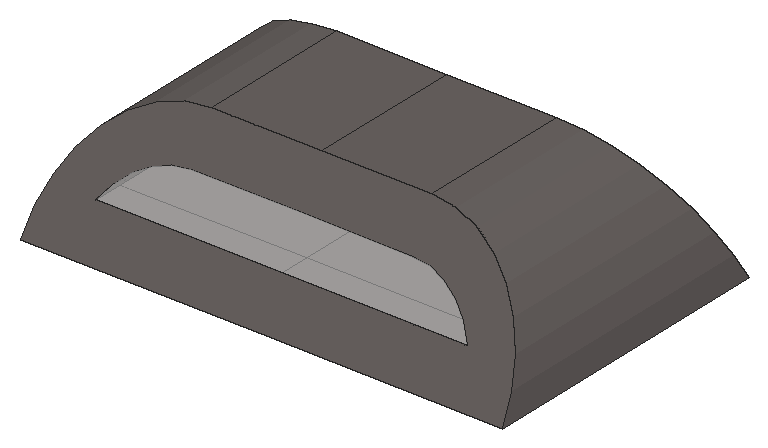
Revit family "PGR", category Lighting Fixtures, host Face, Revit 2012
Parameters (values of type "PGR - Dark Bronze")
  Wattage = 13 W
  built-in parameter 1150110 = 1 (stored number, unit not read)
  Voltage = 120 V
  URL = "http://www.dual-lite.com"
  built-in parameter 1114217 = 1 (stored number, unit not read)
  Total Input Wattage = "12 & 13W"  # constant formula
  Tilt Angle = 90.00°
  built-in parameter 1150109 = 1 (stored number, unit not read)
  built-in parameter 1150134 = (empty or 0)
  built-in parameter 1150113 = 1 (stored number, unit not read)
  Product Page URL = "http://www.dual-lite.com/products/pgr"
  Product Documentation Link = "http://cdn.dual-lite.com/content/products/specs/specs_files/dlt_remoteheads_specsht.pdf"
  Photometric Web File = "pgrseries.ies"
  Model = "PGR"  # constant formula
  Manufacturer Phone = "(864)-678-1000"  # constant formula
  Manufacturer Fax = "(866)-898-0131"  # constant formula
  Manufacturer = "Dual Lite"  # constant formula
  built-in parameter 1150105 = 153.67 (stored number, unit not read)
  Lumens = 1931.05 lm
  built-in parameter 1150115 = 1 (stored number, unit not read)
  Load Classification = Lighting
  built-in parameter 1150137 = (empty or 0)
  built-in parameter 1150139 = (empty or 0)
  Lens = Hubbell - White Glass
  built-in parameter 1150112 = 1 (stored number, unit not read)
  built-in parameter 1150114 = 1 (stored number, unit not read)
  Lamp = "LED"  # constant formula
  built-in parameter 1150132 = 1
  built-in parameter 1150102 = (empty or 0)
  built-in parameter 1150107 = 4300 (stored number, unit not read)
  built-in parameter 1150138 = (empty or 0)
  built-in parameter 1150106 = 1.5367 (stored number, unit not read)
  Finish = Hubbell-Aluminum-Dark Bronze
  Emit from Rectangle Width = 6.000"
  built-in parameter 1150128 = 1.000"
  Emit Shape Visible in Rendering = no
  built-in parameter 1150104 = 13.8 (stored number, unit not read)
  Dimming Lamp Color Temperature Shift = <None>
  Description = "Indoor or Outdoor High Performance LED Remote"  # constant formula
  Default Elevation = 48.000"
  Color Filter = 16777215
  Emit from Rectangle Length = 12.000"
  built-in parameter 1150133 = 10 (stored number, unit not read)
  Apparent Load = 13 VA
Types (4): name | Wattage | built-in parameter 1150105 | Lumens | built-in parameter 1150106 | Finish | Apparent Load
  PGR - Dark Bronze | 13 W | 153.67 (stored number, unit not read) | 1931.05 lm | 1.5367 (stored number, unit not read) | Hubbell-Aluminum-Dark Bronze | 13 VA
  PGR - Black | 9.2903 W | 109.82 (stored number, unit not read) | 1380 lm | 1.0982 (stored number, unit not read) | Hubbell-Aluminum- Black | 11.7 VA
  PGR - White | 9.2903 W | 109.82 (stored number, unit not read) | 1380 lm | 1.0982 (stored number, unit not read) | Hubbell-Aluminum- White | 11.7 VA
  PGR - Platinum Silver | 9.2903 W | 109.82 (stored number, unit not read) | 1380 lm | 1.0982 (stored number, unit not read) | Hubbell - Aluminium- Platinum Silver | 11.7 VA
Reference planes (in)
  plane 1 "Center (Front/Back)": y = 0
  plane 2: z = 0
  plane 3 "Center (Left/Right)": x = 0
  plane 4: z = 2.98637
  plane 5: y = 3.5
  plane 6: y = -3.5
  plane 7: x = -5.5
  plane 8: x = 5.5
  plane 9: y = -2.25
  plane 10: z = 1.46716
Forms (in)
  Extrusion 1, solid, material "Hubbell-Aluminum-Dark Bronze" <- "Finish"
    sketch origin (0, 0, 0) x (1, 0, 0) y (0, 0, 1)
      loop
        line (-5.5, 0) -> (0, 0) -> (5.5, 0)
        arc (5.5, 0) -> (4.62531, 2.11168) -> (2.51363, 2.98637) r 2.98637
        line (2.51363, 2.98637) -> (0, 2.98637) -> (-2.51363, 2.98637)
        arc (-2.51363, 2.98637) -> (-4.62531, 2.11168) -> (-5.5, 0) r 2.98637
    from -3.5 to 3.5
  Extrusion 2, void
    sketch origin (0, 0, 0) x (1, 0, 0) y (0, 0, 1)
      loop
        arc (-2.52081, 1.98637) -> (-3.50958, 1.72217) -> (-4.23478, 1) r 1.98233
        line (-4.23478, 1) -> (0, 1) -> (4.23478, 1)
        arc (4.23478, 1) -> (3.50958, 1.72217) -> (2.52081, 1.98637) r 1.98233
        line (2.52081, 1.98637) -> (0, 1.98637) -> (-2.52081, 1.98637)
    from 0 to 3.5
  Extrusion 3, void
    sketch origin (0, 0, 0) x (0, -1, 0) y (0, 0, 1)
      loop
        line (-3.5, 0) -> (-1.77582, 2.98637) -> (-3.5, 2.98637) -> (-3.5, 0)
      loop
        line (3.5, 0) -> (3.5, 2.98637) -> (1.77582, 2.98637) -> (3.5, 0)
    from -5.5 to 5.5
  Extrusion 4, solid, material "Hubbell - White Glass" <- "Lens"
    sketch origin (0, -3.5, 25.58567) x (0, 0, 1) y (1, 0, 0)
      loop
        line (-23.59931, -2.52081) -> (-23.59931, 0) -> (-23.59931, 2.52081)
        arc (-23.59931, 2.52081) -> (-23.8635, 3.50958) -> (-24.58567, 4.23478) r 1.98233
        line (-24.58567, 4.23478) -> (-24.58567, 0) -> (-24.58567, -4.23478)
        arc (-24.58567, -4.23478) -> (-23.8635, -3.50958) -> (-23.59931, -2.52081) r 1.98233
    from 0 to 1.25
Cuts and joins
  Extrusion 2, Extrusion 3 cuts Extrusion 1
  Extrusion 3 cuts Extrusion 4
Dimensions and locks (in)
  equal spacing: plane 5, plane 1 "Center (Front/Back)", plane 6
  locked: plane 5 to plane 6 at 7
  plane 4 to plane 2 = 2.98637"  (x2)
  equal spacing: plane 8, plane 3 "Center (Left/Right)", plane 7
  plane 8 to plane 7 = 11.000"
  plane 8 to plane 3 "Center (Left/Right)" = 5.500"
  equal spacing: Extrusion 1 sketch curve, plane 3 "Center (Left/Right)", Extrusion 1 sketch curve
  locked: plane 4 to Extrusion 2 sketch curve at 1
  Extrusion 2 sketch curve to plane 2 = 1.000"
  equal spacing: Extrusion 2 sketch curve, plane 3 "Center (Left/Right)", Extrusion 2 sketch curve, locked at 4.23478 each
  locked: plane 8 to Extrusion 2 sketch curve at 1.26522
  locked: plane 9 to plane 6 at 1.25
  locked: imposter light to plane 9 at 0.5
  locked: Extrusion 3 sketch curve to cut or joined group of Extrusion 1, Extrusion 2, Extrusion 3 (angle 30.00°)
  locked: cut or joined group of Extrusion 1, Extrusion 2, Extrusion 3 to Extrusion 3 sketch curve (angle 30.00°)
  aligned and locked: plane 2 to host face
  aligned and locked: level to host face
  aligned and locked: Extrusion 1 sketch curve to plane 2
  aligned and locked: plane 2 to Extrusion 1 sketch curve
  aligned and locked: plane 4 to Extrusion 1 sketch curve
  aligned and locked: Extrusion 1 sketch curve to plane 4
  aligned and locked: plane 7 to Extrusion 1 sketch curve
  aligned and locked: plane 8 to Extrusion 1 sketch curve
  aligned and locked: Extrusion 1 to plane 5
  aligned and locked: Extrusion 1 to plane 6
  aligned and locked: Extrusion 2 to plane 6
  aligned and locked: plane 4 to Extrusion 3 sketch curve
  aligned and locked: plane 2 to Extrusion 3 sketch curve
  aligned and locked: Extrusion 3 sketch curve to plane 5
  aligned and locked: plane 8 to Extrusion 3
  aligned and locked: Extrusion 3 to plane 7
  aligned and locked: Extrusion 4 sketch curve to cut or joined group of Extrusion 1, Extrusion 2, Extrusion 3  (x5)
  aligned and locked: Extrusion 4 to plane 6
  aligned and locked: plane 9 to Extrusion 4
  aligned and locked: plane 3 "Center (Left/Right)" to imposter light
  aligned and locked: plane 10 to imposter light
  aligned and locked: Extrusion 3 to plane 6
Automatic sketch dimensions
  host sketch curve to host sketch curve = 96.000"  (x2)
  Extrusion 1 sketch curve to plane 3 "Center (Left/Right)" = 0.000"  (x2)
  Extrusion 2 sketch curve to plane 3 "Center (Left/Right)" = 0.000"  (x2)
  Extrusion 2 sketch curve to Extrusion 2 sketch curve = 1.71397"
  level to Extrusion 2 sketch curve = 0.00404"
  Extrusion 3 sketch curve to plane 4 = 0.000"
  Extrusion 3 sketch curve to level = 0.000"
  Extrusion 3 sketch curve to plane 6 = 0.000"
  Extrusion 4 sketch curve to plane 3 "Center (Left/Right)" = 0.000"  (x2)
Connectors (in)
  electrical at (2.75, 0, 0), driven by "Voltage", driven by "Apparent Load", driven by "Load Classification"
    settings: on cut or joined group of Extrusion 1, Extrusion 2, Extrusion 3, index 1, voltage 120 V, apparent load 13 VA, apparent load phase1 0 VA, apparent load phase2 0 VA, apparent load phase3 0 VA, power factor 1, load classification "Lighting", number of poles 1, system type 30, power factor state 1, is connector primary yes, connector utility no, sub classification motor no, connector description "Lighting Connector"
